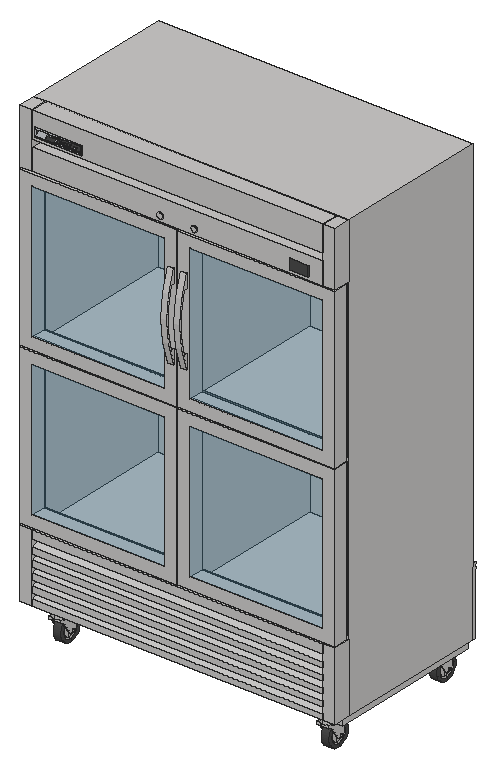
Revit family "QF_TRUE_T-49G-4-HC~FGD01_cat", category Specialty Equipment, Revit 2015
Parameters
  Weight in Pounds = 515
  Watts = Volts * FL Amps  # 621 W
  Volts = 115 V
  URL Cutsheet = "www.truemfg.com"
  URL = "www.truemfg.com"
  Specification by User = ""
  Specification by Manufacturer = ""
  Show Clearance [instance] = yes
  Show 6 Inches Seismic Flanged Legs [instance] = no
  Show Logo [instance] = yes
  Serial Number = ""
  Seismic Rating = ""
  SMACNA No = ""
  Revision Code = ""
  Phase = 1
  Overall Height [instance] = Body Height + Base Height  # 83 3/8"
  Number of Poles = 1
  NAFEM Spec ID Number = ""
  Model = "T-49G-4-HC~FGD01"
  Min Ckt Ampacity = 0 A
  Max Overcurrent Protection = 0 A
  Masterspec = ""
  Manufacturer = "TRUE"
  Length = 54 5/32"
  Item Number = ""
  Installed By = ""
  Identify Quantity as Lot = yes
  Height = 83 3/8"
  HP = "1/2"
  Furnished By = ""
  Foodservice Equipment Identifier = yes
  FL Amps = 5.4 A
  Electrical Remarks = ""
  Electric Connection Type = ""
  Elec Conn RI Height = 0"
  Elec Conn Connection Height = 0"
  Description = "REACH-IN GLASS HALF SWING DOOR REFRIGERATOR WITH HYDROCARBON REFRIGERANT~FRAMED GLASS DOOR VERSION 01"
  Depth = 29 13/16"
  Cycle = 60 Hz
  Conn Plug = "NEMA 5-15P"
  Conn Conduit = yes
  CSI MasterFormat = ""
  Body Height = 78 5/16"
  Base Height [instance] = if(Show 6 Inches Standard Legs, 6", if(Show 6 Inches Seismic Flanged Legs, 77/128", if(Show 2.5 Inches Castors, 2 1/2", if(Show 2.5 Inches Standard Legs, 2 1/2", 5 1/16"))))  # 5 1/16"
  Apparent Power = 0 VA
  Show 6 Inches Standard Legs [instance] = no
  Show 5 Inches Castors [instance] = if(or(Show 6 Inches Standard Legs, Show 6 Inches Seismic Flanged Legs), or(or(Show 2.5 Inches Castors, Show 2.5 Inches Standard Legs), and(Show 6 Inches Standard Legs, Show 6 Inches Seismic Flanged Legs)), if(Show 2.5 Inches Castors, Show 2.5 Inches Standard Legs, not(Show 2.5 Inches Standard Legs)))  # yes
  Show 2.5 Inches Standard Legs [instance] = no
  Show 2.5 Inches Castors [instance] = no
Reference planes (in)
  plane 1 "BACK": y = 0
  plane 2: z = 0
  plane 3 "LEFT": x = 0
  plane 4 "RIGHT": x = 54.15625
  plane 5 "FRONT": y = -29.8125
  plane 6 "TOP": z = 83.375
  plane 7 "Center Y": x = 27.07813
  plane 8 "Center X": y = -14.90625
  plane 9: z = 5.0625
Dimensions and locks (in)
  equal spacing: plane 3 "LEFT", plane 7 "Center Y", plane 4 "RIGHT"
  "Length": plane 3 "LEFT" to plane 4 "RIGHT"
  equal spacing: plane 5 "FRONT", plane 8 "Center X", plane 1 "BACK"
  "Depth": plane 5 "FRONT" to plane 1 "BACK"
  "Overall Height": plane 6 "TOP" to level
  plane 3 "LEFT" to plane 4 "RIGHT" = 54 5/32"
  nested 5 to plane 1 "BACK" = 1/2"
  nested 5 to nested 5 = 1 17/32"
  nested 5 to nested 5 = 31 27/32"
  "Base Height": plane 9 to level
  "Body Height": nested 5 to plane 9
  aligned and locked: level to plane 2
  aligned and locked: nested 5 to plane 9
Nested families (in)
  nested 1: "CASTER-LEGS" at (4, -2.625, 0), Show 5" Casters <- "Show 5 Inches Castors", Show 2.5 Standard Legs <- "Show 2.5 Inches Standard Legs", Show 6 Inches Legs <- "Show 6 Inches Standard Legs", Show 2.5 Casters <- "Show 2.5 Inches Castors", Show Siesmic Flanged <- "Show 6 Inches Seismic Flanged Legs", type "CASTER-LEGS"
    with Type Mark "", Status "", Specification by User "", Show Siesmic Flanged no, Show 6" Casters no, Show 6 Inches Legs no, Show 5" Casters yes, Show 4" Casters no, Show 2.5 Standard Legs no, Show 2.5 Casters no, Revision Code "", Low Profile no, Item Number "", Installed By "", Identify Quantity as Lot yes, Furnished By "", Foodservice Equipment Identifier yes
  nested 2: "CASTER-LEGS" at (4, -25.875, 0), Show 5" Casters <- "Show 5 Inches Castors", Show 2.5 Standard Legs <- "Show 2.5 Inches Standard Legs", Show 6 Inches Legs <- "Show 6 Inches Standard Legs", Show 2.5 Casters <- "Show 2.5 Inches Castors", Show Siesmic Flanged <- "Show 6 Inches Seismic Flanged Legs", type "CASTER-LEGS"
    with Type Mark "", Status "", Specification by User "", Show Siesmic Flanged no, Show 6" Casters no, Show 6 Inches Legs no, Show 5" Casters yes, Show 4" Casters no, Show 2.5 Standard Legs no, Show 2.5 Casters no, Revision Code "", Low Profile no, Item Number "", Installed By "", Identify Quantity as Lot yes, Furnished By "", Foodservice Equipment Identifier yes
  nested 3: "CASTER-LEGS" at (50.15625, -2.625, 0), Show 5" Casters <- "Show 5 Inches Castors", Show 2.5 Standard Legs <- "Show 2.5 Inches Standard Legs", Show 6 Inches Legs <- "Show 6 Inches Standard Legs", Show 2.5 Casters <- "Show 2.5 Inches Castors", Show Siesmic Flanged <- "Show 6 Inches Seismic Flanged Legs", type "CASTER-LEGS"
    with Type Mark "", Status "", Specification by User "", Show Siesmic Flanged no, Show 6" Casters no, Show 6 Inches Legs no, Show 5" Casters yes, Show 4" Casters no, Show 2.5 Standard Legs no, Show 2.5 Casters no, Revision Code "", Low Profile no, Item Number "", Installed By "", Identify Quantity as Lot yes, Furnished By "", Foodservice Equipment Identifier yes
  nested 4: "CASTER-LEGS" at (50.15625, -25.875, 0), Show 5" Casters <- "Show 5 Inches Castors", Show 2.5 Standard Legs <- "Show 2.5 Inches Standard Legs", Show 6 Inches Legs <- "Show 6 Inches Standard Legs", Show 2.5 Casters <- "Show 2.5 Inches Castors", Show Siesmic Flanged <- "Show 6 Inches Seismic Flanged Legs", type "CASTER-LEGS"
    with Type Mark "", Status "", Specification by User "", Show Siesmic Flanged no, Show 6" Casters no, Show 6 Inches Legs no, Show 5" Casters yes, Show 4" Casters no, Show 2.5 Standard Legs no, Show 2.5 Casters no, Revision Code "", Low Profile no, Item Number "", Installed By "", Identify Quantity as Lot yes, Furnished By "", Foodservice Equipment Identifier yes
  nested 5: "T-49G-4-HC-FGD01" at (0, 0, 0), Show Clearance <- "Show Clearance", Show Logo <- "Show Logo", type "T-49G-4-HC-FGD01"
    with Show Logo yes, Material and Finishes QF_Metal - Stainless - Polished
Connectors (in)
  electrical at (27.07812, 0.5, 12.71048), driven by "Volts", driven by "Watts"
    settings: on nested 5, index 1, voltage 115 V, apparent load 621 VA, apparent load phase1 0 VA, apparent load phase2 0 VA, apparent load phase3 0 VA, power factor 1, load classification "Other", number of poles 1, system type 30, power factor state 1, is connector primary yes, connector utility no, sub classification motor no, connector description "ELECTRICAL CONNECTION"
Definition of nested family "CASTER-LEGS"
  Parameters (values of type "CASTER-LEGS")
    Weight = ""
    URL Manufacturer = ""
    URL Cutsheet = ""
    URL = ""
    Type Mark [instance] = ""
    Status [instance] = ""
    Specification by User [instance] = ""
    Specification by Manufacturer = ""
    Show Siesmic Flanged [instance] = yes
    Show 6 Inches Legs [instance] = yes
    Show 6" Casters [instance] = yes
    Show 5" Casters [instance] = yes
    Show 4" Casters [instance] = yes
    Show 2.5 Standard Legs [instance] = yes
    Show 2.5 Casters [instance] = yes
    Serial Number = ""
    Seismic Rating = ""
    SMACNA No = ""
    Revision Code [instance] = ""
    Omniclass Number and Title = ""
    NAFEM Spec ID Number = ""
    Model = ""
    MasterSpec. = ""
    Manufacturer = ""
    Low Profile [instance] = yes
    Item Number [instance] = ""
    Installed By [instance] = ""
    Identify Quantity as Lot [instance] = yes
    Furnished By [instance] = ""
    Foodservice Equipment Identifier [instance] = yes
    Description = ""
    CSI MasterFormat = ""
    CSI Master Format = ""
    Assembly Code = ""
  Reference planes (in)
    plane 1: z = 0
    plane 2 "RIGHT": x = 0
    plane 3 "FRONT": y = 0
    plane 4 "TOP": z = 6
    plane 5: z = 2.125
    plane 6: z = 2.5
    plane 7: z = 6.25
  Forms (in)
    Revolve 1, solid, visible <- "Show 6 Inches Legs"
      sketch origin (11.12172, 0, 0) x (-1, 0, 0) y (0, 0, -1)
        loop
          line (11.12172, -6) -> (11.12172, 0) -> (10.62172, 0) -> (10.62172, -1.30261) -> (10.37172, -1.30261) -> (10.37172, -6) -> (11.12172, -6)
        axis (11.12172, 0) -> (11.12172, -6)
      angle from 0 to 360
    Extrusion 2, solid, visible <- "Show Siesmic Flanged"
      sketch origin (0, 0, 0) x (1, 0, 0) y (0, 1, 0)
        loop
          circle (-0.00825, 0) r 1
      from 0 to 0.125
    Revolve 3, solid, visible <- "Show Siesmic Flanged"
      sketch origin (11.12172, 0, 0) x (-1, 0, 0) y (0, 0, -1)
        loop
          line (11.12172, -6) -> (11.12172, -0.125) -> (10.62172, -0.125) -> (10.62172, -1.30261) -> (10.37172, -1.30261) -> (10.37172, -6) -> (11.12172, -6)
        axis (11.12172, -0.125) -> (11.12172, -6)
      angle from 0 to 360
    Revolve 4, solid, visible <- "Show 2.5 Standard Legs"
      sketch origin (11.12172, 0, 0) x (-1, 0, 0) y (0, 0, -1)
        loop
          line (11.12172, -2.5) -> (11.12172, 0) -> (10.62172, 0) -> (10.62172, -0.75) -> (10.37172, -0.75) -> (10.37172, -2.5) -> (11.12172, -2.5)
        axis (11.12172, 0) -> (11.12172, -2.5)
      angle from 0 to 360
  Dimensions and locks (in)
    plane 4 "TOP" to level = 6"  (x2)
    locked: Revolve 1 sketch curve to Revolve 1 sketch curve at 1.30261
    locked: Revolve 1 sketch curve to Revolve 1 sketch curve at 0.75
    nested 1 to level = 5"
    plane 6 to plane 1 = 2 1/2"
    plane 5 to plane 1 = 2 1/8"
    plane 7 to plane 1 = 6 1/4"
    locked: Revolve 3 sketch curve to Revolve 3 sketch curve at 0.75
    aligned and locked: level to plane 1
  Nested families (in)
    nested 1: "PITCO_5 INCHES CASTER" at (0, 0, 0), Show Casters <- "Show 5" Casters", type "PITCO_5 INCHES CASTER"
      with Type Mark "", Status "", Specification by User "", Show Casters yes, Revision Code "", Item Number "", Installed By "", Identify Quantity as Lot yes, Furnished By "", Foodservice Equipment Identifier yes
    nested 2: "2.13" at (0, 0, 0), 2.5 Inches Caster <- "Low Profile", type "2.13"
      with Type Mark "", Status "", Specification by User "", Revision Code "", Item Number "", Installed By "", Identify Quantity as Lot yes, Furnished By "", Foodservice Equipment Identifier yes, 2.5 Inches Caster yes
    nested 3: "C4" at (0, 0, 0), Show 4 Inches Casters <- "Show 4" Casters", type "C4"
      with Type Mark "", Specification by User "", Show 4 Inches Casters yes, Revision Code "", Item Number "", Installed By "", Identify Quantity as Lot yes, Furnished By "", Foodservice Equipment Identifier yes
    nested 4: "6 Inches Leg & Caster" at (0, 0, 0), Show Casters <- "Show 6" Casters", type "6 Inches Leg & Caster"
      with Type Mark "", Status "", Specification by User "", Show Casters yes, Revision Code "", Item Number "", Installed By "", Identify Quantity as Lot yes, Furnished By "", Foodservice Equipment Identifier yes
    nested 5: "C2.5" at (0, -0.86941, 0), 2.5 Inches Caster <- "Show 2.5 Casters", type "C2.5"
      with Type Mark "", Status "", Specification by User "", Revision Code "", Item Number "", Installed By "", Identify Quantity as Lot yes, Furnished By "", Foodservice Equipment Identifier yes, 2.5 Inches Caster yes
  Definition of nested family "PITCO_5 INCHES CASTER"
    Parameters (values of type "PITCO_5 INCHES CASTER")
      Weight = ""
      URL Manufacturer = ""
      URL Cutsheet = ""
      URL = ""
      Type Mark [instance] = ""
      Status [instance] = ""
      Specification by User [instance] = ""
      Specification by Manufacturer = ""
      Show Casters [instance] = yes
      Rubber = none
      Chrome = none
      Serial Number = ""
      Seismic Rating = ""
      SMACNA No = ""
      Revision Code [instance] = ""
      Omniclass Number and Title = ""
      NAFEM Spec ID Number = ""
      Model = ""
      MasterSpec. = ""
      Manufacturer = ""
      Item Number [instance] = ""
      Installed By [instance] = ""
      Identify Quantity as Lot [instance] = yes
      Furnished By [instance] = ""
      Foodservice Equipment Identifier [instance] = yes
      Description = ""
      CSI MasterFormat = ""
      CSI Master Format = ""
      Assembly Code = ""
    Reference planes (in)
      plane 1: z = 0
      plane 2 "RIGHT": x = 0
      plane 3 "FRONT": y = 0
      plane 4 "TOP": z = 5
      plane 5: z = 5.0625
    Forms (in)
      Revolve 1, solid, visible <- "Show Casters"
        sketch origin (-180, 1.0625, -34.67466) x (0, 0, -1) y (-1, 0, 0)
          loop
            line (-34.67466, -180.64009) -> (-34.67466, -179.35991) -> (-35.17466, -179.35991) -> (-35.17466, -179.48491) -> (-35.42466, -179.48491) -> (-35.42466, -179.64009) -> (-36.48519, -179.60306) -> (-36.48519, -178.85852) -> (-36.5316, -178.85852) -> (-36.5316, -178.71719) -> (-36.70591, -178.71719) -> (-36.70591, -181.28281) -> (-36.5316, -181.28281) -> (-36.5316, -181.14148) -> (-36.48519, -181.14148) -> (-36.48519, -180.39694) -> (-35.42466, -180.35991) -> (-35.42466, -180.51509) -> (-35.17466, -180.51509) -> (-35.17466, -180.64009) -> (-34.67466, -180.64009)
          axis (-36.70591, -181.28281) -> (-36.70591, -178.71719)
        angle from 0 to 360
      Extrusion 2, solid, visible <- "Show Casters"
        sketch origin (0, 0, -1.11142) x (0, -1, 0) y (1, 0, 0)
          loop
            circle (0, 0) r 1.5
        from 5.61142 to 6.17392
      Extrusion 3, solid, visible <- "Show Casters"
        sketch origin (0, 0, 0.289) x (0, -1, 0) y (0, 0, 1)
          loop
            arc (0.91808, 3.59427) -> (1.13645, 3.7909) -> (1.42156, 3.86198) r 0.60732
            line (1.42156, 3.86198) -> (1.46208, 3.86198) -> (1.43155, 4.211) -> (-1.43155, 4.211)
            arc (-1.43155, 4.211) -> (-1.62474, 4.13098) -> (-1.70476, 3.93778) r 0.27322
            line (-1.70476, 3.93778) -> (-1.70476, 3.78861) -> (-1.76351, 2.11371) -> (-1.82446, 1.68005)
            arc (-1.82446, 1.68005) -> (-1.73191, 1.41127) -> (-1.46007, 1.32816) r 0.31307
            line (-1.46007, 1.32816) -> (-0.60834, 1.47835)
            arc (-0.60834, 1.47835) -> (-0.50841, 1.51771) -> (-0.43181, 1.59299) r 0.26936
            line (-0.43181, 1.59299) -> (0.91808, 3.59427)
        from 0.84601 to 1.05998
      Extrusion 4, solid, visible <- "Show Casters"
        sketch origin (0, 0, -0.82242) x (0, -1, 0) y (0, 0, -1)
          loop
            line (1.43155, -5.32242) -> (1.46208, -4.9734) -> (1.42156, -4.9734)
            arc (1.42156, -4.9734) -> (1.13645, -4.90232) -> (0.91808, -4.70569) r 0.60732
            line (0.91808, -4.70569) -> (-0.43181, -2.70441)
            arc (-0.43181, -2.70441) -> (-0.50841, -2.62913) -> (-0.60834, -2.58977) r 0.26936
            line (-0.60834, -2.58977) -> (-1.46007, -2.43958)
            arc (-1.46007, -2.43958) -> (-1.73191, -2.52269) -> (-1.82446, -2.79147) r 0.31307
            line (-1.82446, -2.79147) -> (-1.76351, -3.22513) -> (-1.70476, -4.90003) -> (-1.70476, -5.0492)
            arc (-1.70476, -5.0492) -> (-1.62474, -5.2424) -> (-1.43155, -5.32242) r 0.27322
            line (-1.43155, -5.32242) -> (1.43155, -5.32242)
        from 0.84601 to 1.05998
      Extrusion 5, solid, visible <- "Show Casters"
        sketch origin (-0.84601, 0, 0.289) x (0, 1, 0) y (0, 0, 1)
          loop
            line (1.43155, 4.211) -> (-1.43155, 4.211) -> (-1.46208, 3.86198) -> (-1.42156, 3.86198)
            arc (-1.42156, 3.86198) -> (-1.13645, 3.7909) -> (-0.91808, 3.59427) r 0.60732
            arc (-0.91808, 3.59427) -> (0.37927, 3.88135) -> (1.70476, 3.78861) r 4.63574
            line (1.70476, 3.78861) -> (1.70476, 3.93778)
            arc (1.70476, 3.93778) -> (1.62474, 4.13098) -> (1.43155, 4.211) r 0.27322
        from 0 to 1.69203
    Cuts and joins
      joined: Extrusion 3, Extrusion 4, Extrusion 5
    Lines and regions (in)
      symbolic lines, visible <- "Show Casters"
        curve 1: line (0.70901, 2.6399, 0) -> (1.79507, 2.01286, 0)
        curve 2: line (-1.79099, -1.69023, 0) -> (0.70901, 2.6399, 0)
        curve 3: line (-0.70493, -2.31727, 0) -> (-1.79099, -1.69023, 0)
        curve 4: line (1.79507, 2.01286, 0) -> (-0.70493, -2.31727, 0)
    Dimensions and locks (in)
      plane 4 "TOP" to level = 5"  (x2)
      plane 5 to level = 5 1/16"
      aligned and locked: level to plane 1
  Definition of nested family "2.13"
    Parameters
      Weight = ""
      URL Manufacturer = ""
      URL Cutsheet = ""
      URL = ""
      Type Mark [instance] = ""
      Status [instance] = ""
      Specification by User [instance] = ""
      Specification by Manufacturer = ""
      Serial Number = ""
      Seismic Rating = ""
      SMACNA No = ""
      Revision Code [instance] = ""
      Omniclass Number and Title = ""
      NAFEM Spec ID Number = ""
      Model = ""
      MasterSpec. = ""
      Manufacturer = ""
      Item Number [instance] = ""
      Installed By [instance] = ""
      Identify Quantity as Lot [instance] = yes
      Furnished By [instance] = ""
      Foodservice Equipment Identifier [instance] = yes
      Description = ""
      CSI MasterFormat = ""
      CSI Master Format = ""
      Assembly Code = ""
      2.5 Inches Caster [instance] = yes
    Reference planes (in)
      plane 1: z = 0
      plane 2 "RIGHT": x = 0
      plane 3 "FRONT": y = 0
      plane 4 "TOP": z = 2.125
    Forms (in)
      Revolve 1, solid, visible <- "2.5 Inches Caster"
        sketch origin (-1.93794, 0.83816, -1.0041) x (1, 0, 0) y (0, 0, 1)
          loop
            line (0.74055, 1.76972) -> (0.74055, 1.69422) -> (0.79055, 1.64422) -> (0.85055, 1.64422) -> (0.85055, 1.52415) -> (1.235, 1.52415) -> (1.235, 1.4568) -> (1.38673, 1.3692) -> (1.4003, 1.28535) -> (1.34375, 1.28535) -> (1.34375, 1.16035) -> (1.375, 1.16035) -> (1.375, 1.0041) -> (1.87544, 1.0041) -> (1.87544, 1.52415) -> (2.00044, 1.52415) -> (2.00044, 1.0041) -> (2.48438, 1.0041) -> (2.48438, 1.16035) -> (2.51563, 1.16035) -> (2.51563, 1.28535) -> (2.45908, 1.28535) -> (2.47322, 1.37272) -> (2.62438, 1.45999) -> (2.62438, 1.52415) -> (3.04007, 1.52415) -> (3.04007, 1.64422) -> (3.10007, 1.64422) -> (3.15007, 1.69422) -> (3.15007, 1.76972) -> (0.74055, 1.76972)
          axis (0.74055, 1.76972) -> (3.15007, 1.76972)
        angle from 0 to 360
      Extrusion 2, solid, visible <- "2.5 Inches Caster"
        sketch origin (-1.93794, 1.80294, -3.6291) x (0, 1, 0) y (0, 0, 1)
          loop
            line (-0.64294, 5.43229) -> (-0.64294, 5.55298) -> (-2.21294, 5.55298) -> (-2.21294, 5.30272) -> (-1.81966, 5.30272)
            arc (-1.81966, 5.30272) -> (-1.13638, 5.20789) -> (-0.46376, 5.05475) r 8.02767
            arc (-0.46376, 5.05475) -> (-0.19511, 4.95469) -> (0.05138, 4.80832) r 1.60049
            line (0.05138, 4.80832) -> (0.12713, 4.91318)
            arc (0.12713, 4.91318) -> (-0.07255, 5.06376) -> (-0.29048, 5.18644) r 1.8753
            line (-0.29048, 5.18644) -> (-0.22239, 5.30423)
            arc (-0.22239, 5.30423) -> (-0.42776, 5.38437) -> (-0.64294, 5.43229) r 1.44292
        from 1.17357 to 2.70231
      Revolve 3, solid, visible <- "2.5 Inches Caster"
        sketch origin (0, 2.10856, -4.125) x (0, 1, 0) y (0, 0, 1)
          loop
            line (-1.73858, 6.25) -> (-1.73858, 6.04889) -> (-1.05793, 6.04889) -> (-1.05793, 6.25) -> (-1.73858, 6.25)
          axis (-1.73858, 6.04889) -> (-1.73858, 6.25)
        angle from 0 to 360
      Extrusion 4, solid, visible <- "2.5 Inches Caster"
        sketch origin (-1.98481, 1.80294, -2.1291) x (0, 1, 0) y (0, 0, 1)
          loop
            line (-2.21294, 4.05298) -> (-2.21294, 3.80272) -> (-2.13999, 3.80272)
            arc (-2.13999, 3.80272) -> (-1.62379, 3.51899) -> (-1.39241, 2.97729) r 0.90292
            arc (-1.39241, 2.97729) -> (-1.36136, 2.78161) -> (-1.29729, 2.59413) r 1.15385
            arc (-1.29729, 2.59413) -> (-0.94802, 2.37355) -> (-0.6121, 2.61396) r 0.37001
            arc (-0.6121, 2.61396) -> (-0.59625, 2.66241) -> (-0.58446, 2.712) r 0.61695
            arc (-0.58446, 2.712) -> (-0.36134, 3.11665) -> (0.05609, 3.31484) r 0.75313
            line (0.05609, 3.31484) -> (0.12713, 3.41318)
            arc (0.12713, 3.41318) -> (-0.07255, 3.56376) -> (-0.29048, 3.68644) r 1.8753
            line (-0.29048, 3.68644) -> (-0.22239, 3.80423)
            arc (-0.22239, 3.80423) -> (-0.42776, 3.88437) -> (-0.64294, 3.93229) r 1.44292
            line (-0.64294, 3.93229) -> (-0.64294, 4.05298) -> (-2.21294, 4.05298)
        from 2.74918 to 2.90825
      Extrusion 5, solid, visible <- "2.5 Inches Caster"
        sketch origin (1.98481, 1.80294, -2.1291) x (0, 1, 0) y (0, 0, -1)
          loop
            line (-2.21294, -4.05298) -> (-0.64294, -4.05298) -> (-0.64294, -3.93229)
            arc (-0.64294, -3.93229) -> (-0.42776, -3.88437) -> (-0.22239, -3.80423) r 1.44292
            line (-0.22239, -3.80423) -> (-0.29048, -3.68644)
            arc (-0.29048, -3.68644) -> (-0.07255, -3.56376) -> (0.12713, -3.41318) r 1.8753
            line (0.12713, -3.41318) -> (0.05609, -3.31484)
            arc (0.05609, -3.31484) -> (-0.36134, -3.11665) -> (-0.58446, -2.712) r 0.75313
            arc (-0.58446, -2.712) -> (-0.59625, -2.66241) -> (-0.6121, -2.61396) r 0.61695
            arc (-0.6121, -2.61396) -> (-0.94802, -2.37355) -> (-1.29729, -2.59413) r 0.37001
            arc (-1.29729, -2.59413) -> (-1.36136, -2.78161) -> (-1.39241, -2.97729) r 1.15385
            arc (-1.39241, -2.97729) -> (-1.62379, -3.51899) -> (-2.13999, -3.80272) r 0.90292
            line (-2.13999, -3.80272) -> (-2.21294, -3.80272) -> (-2.21294, -4.05298)
        from 2.74918 to 2.90825
    Lines and regions (in)
      symbolic lines, visible <- "2.5 Inches Caster"
        curve 1: line (0.10651, 1.27186, 0) -> (0.80944, 0.86603, 0)
        curve 2: line (-0.89349, -0.46019, 0) -> (0.10651, 1.27186, 0)
        curve 3: line (-0.19056, -0.86603, 0) -> (-0.89349, -0.46019, 0)
        curve 4: line (0.80944, 0.86603, 0) -> (-0.19056, -0.86603, 0)
    Dimensions and locks (in)
      plane 4 "TOP" to level = 2 1/8"  (x2)
      aligned and locked: level to plane 1
  Definition of nested family "C4"
    Parameters
      Weight = ""
      URL Manufacturer = ""
      URL Cutsheet = ""
      URL = ""
      Type Mark [instance] = ""
      Specification by User [instance] = ""
      Specification by Manufacturer = ""
      Show 4 Inches Casters [instance] = yes
      Serial Number = ""
      Seismic Rating = ""
      SMACNA No = ""
      Revision Code [instance] = ""
      Omniclass Number and Title = ""
      NAFEM Spec ID Number = ""
      Model = ""
      MasterSpec. = ""
      Manufacturer = ""
      Item Number [instance] = ""
      Installed By [instance] = ""
      Identify Quantity as Lot [instance] = yes
      Furnished By [instance] = ""
      Foodservice Equipment Identifier [instance] = yes
      Description = ""
      CSI MasterFormat = ""
      CSI Master Format = ""
      Assembly Code = ""
    Reference planes (in)
      plane 1: z = 0
      plane 2 "RIGHT": x = 0
      plane 3 "FRONT": y = 0
      plane 4 "TOP": z = 4
    Forms (in)
      Revolve 1, solid, visible <- "Show 4 Inches Casters"
        sketch origin (-1.93794, 0.83816, -1.0041) x (1, 0, 0) y (0, 0, 1)
          loop
            line (0.74055, 2.5041) -> (3.15007, 2.5041) -> (3.15007, 2.5796) -> (3.10007, 2.6296) -> (3.04007, 2.6296) -> (3.04007, 2.74967) -> (2.62438, 2.74967) -> (2.62438, 2.93884) -> (2.48438, 3.01967) -> (2.45908, 3.17597) -> (2.51563, 3.17597) -> (2.51563, 3.41035) -> (2.48438, 3.41035) -> (2.48438, 4.0041) -> (1.375, 4.0041) -> (1.375, 3.41035) -> (1.34375, 3.41035) -> (1.34375, 3.17597) -> (1.4003, 3.17597) -> (1.37557, 3.02318) -> (1.235, 2.94202) -> (1.235, 2.74967) -> (0.85055, 2.74967) -> (0.85055, 2.6296) -> (0.79055, 2.6296) -> (0.74055, 2.5796) -> (0.74055, 2.5041)
          axis (0.74055, 2.5041) -> (3.15007, 2.5041)
        angle from 0 to 360
      Extrusion 2, solid, visible <- "Show 4 Inches Casters"
        sketch origin (-1.93794, 1.80294, -1.7541) x (0, 1, 0) y (0, 0, 1)
          loop
            line (-3.08794, 5.33423) -> (-3.08794, 5.00584) -> (-2.69466, 5.00584)
            arc (-2.69466, 5.00584) -> (-1.57175, 4.94895) -> (-0.46376, 4.75787) r 9.36411
            arc (-0.46376, 4.75787) -> (-0.05889, 4.58436) -> (0.28335, 4.30705) r 1.60049
            line (0.28335, 4.30705) -> (0.34449, 4.39437)
            arc (0.34449, 4.39437) -> (0.12713, 4.6163) -> (-0.1239, 4.79931) r 1.8753
            line (-0.1239, 4.79931) -> (-0.05749, 4.91421)
            arc (-0.05749, 4.91421) -> (-0.33807, 5.05694) -> (-0.64294, 5.13542) r 1.44292
            line (-0.64294, 5.13542) -> (-0.64294, 5.33423) -> (-3.08794, 5.33423)
        from 1.1267 to 2.74918
      Revolve 3, solid, visible <- "Show 4 Inches Casters"
        sketch origin (0, 2.15543, -2.25) x (0, 1, 0) y (0, 0, 1)
          loop
            line (-2.21793, 6.25) -> (-2.21793, 5.83014) -> (-1.05793, 5.83014) -> (-1.05793, 6.25) -> (-2.21793, 6.25)
          axis (-2.21793, 5.83014) -> (-2.21793, 6.25)
        angle from 0 to 360
      Extrusion 4, solid, visible <- "Show 4 Inches Casters"
        sketch origin (-1.93794, 1.80294, -1.7541) x (0, 1, 0) y (0, 0, 1)
          loop
            line (-3.08794, 5.33423) -> (-3.08794, 5.00584) -> (-2.8913, 5.00584)
            arc (-2.8913, 5.00584) -> (-2.09118, 4.14057) -> (-1.45681, 3.14736) r 6.63355
            arc (-1.45681, 3.14736) -> (-0.85703, 2.75969) -> (-0.4561, 3.35069) r 0.5107
            arc (-0.4561, 3.35069) -> (-0.27092, 3.92503) -> (0.24034, 4.24562) r 0.88136
            line (0.24034, 4.24562) -> (0.34449, 4.39437)
            arc (0.34449, 4.39437) -> (0.12713, 4.6163) -> (-0.1239, 4.79931) r 1.8753
            line (-0.1239, 4.79931) -> (-0.05749, 4.91421)
            arc (-0.05749, 4.91421) -> (-0.33807, 5.05694) -> (-0.64294, 5.13542) r 1.44292
            line (-0.64294, 5.13542) -> (-0.64294, 5.33423) -> (-3.08794, 5.33423)
        from 2.74918 to 2.90825
      Extrusion 5, solid, visible <- "Show 4 Inches Casters"
        sketch origin (1.93794, 1.80294, -1.7541) x (0, 1, 0) y (0, 0, -1)
          loop
            line (-3.08794, -5.33423) -> (-0.64294, -5.33423) -> (-0.64294, -5.13542)
            arc (-0.64294, -5.13542) -> (-0.33807, -5.05694) -> (-0.05749, -4.91421) r 1.44292
            line (-0.05749, -4.91421) -> (-0.1239, -4.79931)
            arc (-0.1239, -4.79931) -> (0.12713, -4.6163) -> (0.34449, -4.39437) r 1.8753
            line (0.34449, -4.39437) -> (0.24034, -4.24562)
            arc (0.24034, -4.24562) -> (-0.27092, -3.92503) -> (-0.4561, -3.35069) r 0.88136
            arc (-0.4561, -3.35069) -> (-0.85703, -2.75969) -> (-1.45681, -3.14736) r 0.5107
            arc (-1.45681, -3.14736) -> (-2.09118, -4.14057) -> (-2.8913, -5.00584) r 6.63355
            line (-2.8913, -5.00584) -> (-3.08794, -5.00584) -> (-3.08794, -5.33423)
        from 2.74918 to 2.90825
    Cuts and joins
      joined: Extrusion 2, Extrusion 4, Extrusion 5
    Lines and regions (in)
      symbolic lines, visible <- "Show 4 Inches Casters"
        curve 1: line (0.28481, 1.83041, 0) -> (1.24556, 1.27572, 0)
        curve 2: line (-1.26206, -0.84886, 0) -> (0.28481, 1.83041, 0)
        curve 3: line (-0.30132, -1.40355, 0) -> (-1.26206, -0.84886, 0)
        curve 4: line (1.24556, 1.27572, 0) -> (-0.30132, -1.40355, 0)
    Dimensions and locks (in)
      plane 4 "TOP" to level = 4"  (x2)
      aligned and locked: level to plane 1
  Definition of nested family "6 Inches Leg & Caster"
    Parameters
      Weight = ""
      URL Manufacturer = ""
      URL Cutsheet = ""
      URL = ""
      Type Mark [instance] = ""
      Status [instance] = ""
      Specification by User [instance] = ""
      Specification by Manufacturer = ""
      Show Casters [instance] = yes
      Serial Number = ""
      Seismic Rating = ""
      SMACNA No = ""
      Revision Code [instance] = ""
      Omniclass Number and Title = ""
      NAFEM Spec ID Number = ""
      Model = ""
      MasterSpec. = ""
      Manufacturer = ""
      Item Number [instance] = ""
      Installed By [instance] = ""
      Identify Quantity as Lot [instance] = yes
      Furnished By [instance] = ""
      Foodservice Equipment Identifier [instance] = yes
      Description = ""
      CSI MasterFormat = ""
      CSI Master Format = ""
    Reference planes (in)
      plane 1 "BACK": y = 0
      plane 2: z = 0
      plane 3 "LEFT": x = 0
      plane 4 "RIGHT": x = 0
      plane 5 "FRONT": y = 0
      plane 6 "TOP": z = 6.25
    Forms (in)
      Revolve 1, solid, visible <- "Show Casters"
        sketch origin (-2.21793, 0, -0.25) x (-1, 0, 0) y (0, 0, 1)
          loop
            line (-2.21793, 6) -> (-2.21793, 5.55584) -> (-0.93693, 5.55584) -> (-0.93693, 6) -> (-2.21793, 6)
          axis (-2.21793, 5.55584) -> (-2.21793, 6)
        angle from 0 to 360
      Extrusion 2, solid, visible <- "Show Casters"
        sketch origin (0.25594, 2.21793, -0.1875) x (0, 1, 0) y (0, 0, 1)
          loop
            line (-3.37793, 5.49334) -> (-3.37793, 5.24334) -> (-1.63015, 2.08504)
            arc (-1.63015, 2.08504) -> (-0.63555, 1.74359) -> (-0.1951, 2.69848) r 0.78437
            line (-0.1951, 2.69848) -> (-1.06726, 5.49334) -> (-3.37793, 5.49334)
        from 0.78968 to 0.90247
      Extrusion 3, solid, visible <- "Show Casters"
        sketch origin (0, 0, 5.75) x (0, 1, 0) y (-1, 0, 0)
          loop
            circle (0, 0) r 0.75
        from 0 to 0.5
      Extrusion 4, solid, visible <- "Show Casters"
        sketch origin (-0.25594, 2.21793, -0.1875) x (0, 1, 0) y (0, 0, -1)
          loop
            line (-3.37793, -5.49334) -> (-1.06726, -5.49334) -> (-0.1951, -2.69848)
            arc (-0.1951, -2.69848) -> (-0.63555, -1.74359) -> (-1.63015, -2.08504) r 0.78437
            line (-1.63015, -2.08504) -> (-3.37793, -5.24334) -> (-3.37793, -5.49334)
        from 0.78968 to 0.90247
      Extrusion 5, solid, visible <- "Show Casters"
        sketch origin (0, 0, 0.75) x (0, 1, 0) y (0, 0, 1)
          loop
            line (-1.16, 4.55584) -> (-1.16, 4.30584) -> (1.15067, 4.30584) -> (1.15067, 4.55584) -> (-1.16, 4.55584)
        from -1.04562 to 1.04562
      Revolve 6, solid, visible <- "Show Casters"
        sketch origin (-1.9375, 1.23015, -0.12802) x (1, 0, 0) y (0, 0, 1)
          loop
            line (0.5843, 2.5041) -> (0.5843, 2.3661) -> (0.6343, 2.3161) -> (0.6943, 2.3161) -> (0.6943, 2.1804) -> (1.1725, 2.1804) -> (1.1725, 1.78493) -> (1.31307, 1.70377) -> (1.42647, 1.00302) -> (1.28125, 1.00302) -> (1.28125, 0.75302) -> (1.3125, 0.75302) -> (1.3125, 0.50302)
            arc (1.3125, 0.50302) -> (1.42233, 0.23785) -> (1.6875, 0.12802) r 0.375
            line (1.6875, 0.12802) -> (2.1875, 0.12802)
            arc (2.1875, 0.12802) -> (2.45267, 0.23785) -> (2.5625, 0.50302) r 0.375
            line (2.5625, 0.50302) -> (2.5625, 0.75302) -> (2.59375, 0.75302) -> (2.59375, 1.00302) -> (2.44853, 1.00302) -> (2.5625, 1.70728) -> (2.7025, 1.78811) -> (2.7025, 2.1804) -> (3.1807, 2.1804) -> (3.1807, 2.3161) -> (3.2407, 2.3161) -> (3.2907, 2.3661) -> (3.2907, 2.5041) -> (0.5843, 2.5041)
          axis (0.5843, 2.5041) -> (3.2907, 2.5041)
        angle from 0 to 360
    Cuts and joins
      joined: Extrusion 2, Extrusion 4, Extrusion 5
    Lines and regions (in)
      symbolic lines, visible <- "Show Casters"
        curve 1: line (0.46086, 2.04455, 0) -> (1.54339, 1.41955, 0)
        curve 2: line (-1.53914, -1.41955, 0) -> (0.46086, 2.04455, 0)
        curve 3: line (-0.45661, -2.04455, 0) -> (-1.53914, -1.41955, 0)
        curve 4: line (1.54339, 1.41955, 0) -> (-0.45661, -2.04455, 0)
    Dimensions and locks (in)
      plane 6 "TOP" to level = 6 1/4"  (x2)
      aligned and locked: level to plane 2
  Definition of nested family "C2.5"
    Parameters
      Weight = ""
      URL Manufacturer = ""
      URL Cutsheet = ""
      URL = ""
      Type Mark [instance] = ""
      Status [instance] = ""
      Specification by User [instance] = ""
      Specification by Manufacturer = ""
      Serial Number = ""
      Seismic Rating = ""
      SMACNA No = ""
      Revision Code [instance] = ""
      Omniclass Number and Title = ""
      NAFEM Spec ID Number = ""
      Model = ""
      MasterSpec. = ""
      Manufacturer = ""
      Item Number [instance] = ""
      Installed By [instance] = ""
      Identify Quantity as Lot [instance] = yes
      Furnished By [instance] = ""
      Foodservice Equipment Identifier [instance] = yes
      Description = ""
      CSI MasterFormat = ""
      CSI Master Format = ""
      Assembly Code = ""
      2.5 Inches Caster [instance] = yes
    Reference planes (in)
      plane 1: z = 0
      plane 2 "RIGHT": x = 0
      plane 3 "FRONT": y = 0
      plane 4 "TOP": z = 2.5
    Forms (in)
      Revolve 1, solid, visible <- "2.5 Inches Caster"
        sketch origin (-1.93794, 0.83816, -1.0041) x (1, 0, 0) y (0, 0, 1)
          loop
            line (0.74055, 1.92597) -> (0.74055, 1.85047) -> (0.79055, 1.80047) -> (0.85055, 1.80047) -> (0.85055, 1.6804) -> (1.235, 1.6804) -> (1.235, 1.61305) -> (1.38673, 1.52545) -> (1.4003, 1.4416) -> (1.34375, 1.4416) -> (1.34375, 1.3166) -> (1.375, 1.3166) -> (1.375, 1.0041) -> (2.48438, 1.0041) -> (2.48438, 1.3166) -> (2.51563, 1.3166) -> (2.51563, 1.4416) -> (2.45908, 1.4416) -> (2.47322, 1.52897) -> (2.62438, 1.61624) -> (2.62438, 1.6804) -> (3.04007, 1.6804) -> (3.04007, 1.80047) -> (3.10007, 1.80047) -> (3.15007, 1.85047) -> (3.15007, 1.92597) -> (0.74055, 1.92597)
          axis (0.74055, 1.92597) -> (3.15007, 1.92597)
        angle from 0 to 360
      Extrusion 2, solid, visible <- "2.5 Inches Caster"
        sketch origin (-1.93794, 1.80294, -3.2541) x (0, 1, 0) y (0, 0, 1)
          loop
            line (-0.64294, 5.43229) -> (-0.64294, 5.55298) -> (-2.21294, 5.55298) -> (-2.21294, 5.30272) -> (-1.81966, 5.30272)
            arc (-1.81966, 5.30272) -> (-1.13638, 5.20789) -> (-0.46376, 5.05475) r 8.02767
            arc (-0.46376, 5.05475) -> (-0.19511, 4.95469) -> (0.05138, 4.80832) r 1.60049
            line (0.05138, 4.80832) -> (0.12713, 4.91318)
            arc (0.12713, 4.91318) -> (-0.07255, 5.06376) -> (-0.29048, 5.18644) r 1.8753
            line (-0.29048, 5.18644) -> (-0.22239, 5.30423)
            arc (-0.22239, 5.30423) -> (-0.42776, 5.38437) -> (-0.64294, 5.43229) r 1.44292
        from 1.17357 to 2.70231
      Revolve 3, solid, visible <- "2.5 Inches Caster"
        sketch origin (0, 2.10856, -3.75) x (0, 1, 0) y (0, 0, 1)
          loop
            line (-1.73858, 6.25) -> (-1.73858, 6.04889) -> (-1.05793, 6.04889) -> (-1.05793, 6.25) -> (-1.73858, 6.25)
          axis (-1.73858, 6.04889) -> (-1.73858, 6.25)
        angle from 0 to 360
      Extrusion 4, solid, visible <- "2.5 Inches Caster"
        sketch origin (-1.98481, 1.80294, -1.7541) x (0, 1, 0) y (0, 0, 1)
          loop
            line (-2.21294, 4.05298) -> (-2.21294, 3.80272) -> (-2.13999, 3.80272)
            arc (-2.13999, 3.80272) -> (-1.62379, 3.51899) -> (-1.39241, 2.97729) r 0.90292
            arc (-1.39241, 2.97729) -> (-1.36136, 2.78161) -> (-1.29729, 2.59413) r 1.15385
            arc (-1.29729, 2.59413) -> (-0.94802, 2.37355) -> (-0.6121, 2.61396) r 0.37001
            arc (-0.6121, 2.61396) -> (-0.59625, 2.66241) -> (-0.58446, 2.712) r 0.61695
            arc (-0.58446, 2.712) -> (-0.36134, 3.11665) -> (0.05609, 3.31484) r 0.75313
            line (0.05609, 3.31484) -> (0.12713, 3.41318)
            arc (0.12713, 3.41318) -> (-0.07255, 3.56376) -> (-0.29048, 3.68644) r 1.8753
            line (-0.29048, 3.68644) -> (-0.22239, 3.80423)
            arc (-0.22239, 3.80423) -> (-0.42776, 3.88437) -> (-0.64294, 3.93229) r 1.44292
            line (-0.64294, 3.93229) -> (-0.64294, 4.05298) -> (-2.21294, 4.05298)
        from 2.74918 to 2.90825
      Extrusion 5, solid, visible <- "2.5 Inches Caster"
        sketch origin (1.98481, 1.80294, -1.7541) x (0, 1, 0) y (0, 0, -1)
          loop
            line (-2.21294, -4.05298) -> (-0.64294, -4.05298) -> (-0.64294, -3.93229)
            arc (-0.64294, -3.93229) -> (-0.42776, -3.88437) -> (-0.22239, -3.80423) r 1.44292
            line (-0.22239, -3.80423) -> (-0.29048, -3.68644)
            arc (-0.29048, -3.68644) -> (-0.07255, -3.56376) -> (0.12713, -3.41318) r 1.8753
            line (0.12713, -3.41318) -> (0.05609, -3.31484)
            arc (0.05609, -3.31484) -> (-0.36134, -3.11665) -> (-0.58446, -2.712) r 0.75313
            arc (-0.58446, -2.712) -> (-0.59625, -2.66241) -> (-0.6121, -2.61396) r 0.61695
            arc (-0.6121, -2.61396) -> (-0.94802, -2.37355) -> (-1.29729, -2.59413) r 0.37001
            arc (-1.29729, -2.59413) -> (-1.36136, -2.78161) -> (-1.39241, -2.97729) r 1.15385
            arc (-1.39241, -2.97729) -> (-1.62379, -3.51899) -> (-2.13999, -3.80272) r 0.90292
            line (-2.13999, -3.80272) -> (-2.21294, -3.80272) -> (-2.21294, -4.05298)
        from 2.74918 to 2.90825
    Lines and regions (in)
      symbolic lines, visible <- "2.5 Inches Caster"
        curve 1: line (0.10651, 1.96132, 0) -> (0.80944, 1.55548, 0)
        curve 2: line (-0.89349, 0.22927, 0) -> (0.10651, 1.96132, 0)
        curve 3: line (-0.19056, -0.17657, 0) -> (-0.89349, 0.22927, 0)
        curve 4: line (0.80944, 1.55548, 0) -> (-0.19056, -0.17657, 0)
    Dimensions and locks (in)
      plane 4 "TOP" to level = 2 1/2"  (x2)
      aligned and locked: level to plane 1
Definition of nested family "T-49G-4-HC-FGD01"
  Parameters (values of type "T-49G-4-HC-FGD01")
    Weight in Pounds = 0
    URL Cutsheet = ""
    Specification by User = ""
    Specification by Manufacturer = ""
    Show Logo [instance] = yes
    Show Clearance [instance] = yes
    Serial Number = ""
    Seismic Rating = ""
    SMACNA No = ""
    Revision Code = ""
    NAFEM Spec ID Number = ""
    Material and Finishes [instance] = none
    Masterspec = ""
    Item Number = ""
    Installed By = ""
    Identify Quantity as Lot = yes
    Furnished By = ""
    Foodservice Equipment Identifier = yes
    CSI MasterFormat = ""
  Reference planes (in)
    plane 1 "BACK": y = 0
    plane 2: z = 0
    plane 3 "LEFT": x = 0
    plane 4 "RIGHT": x = 54.15625
    plane 5 "FRONT": y = -29.8125
    plane 6 "TOP": z = 83.375
    plane 7 "Center Y": x = 27.07813
    plane 8 "Center X": y = -14.90625
    plane 9: z = 5.0625
    plane 10: y = 0.5
    plane 11: y = -31.34375
    plane 12: z = 67.5625
    plane 13: z = 52.5625
    plane 14: z = 67.5625
    plane 15: z = 52.5625
    plane 16: z = 7.0625
    plane 17: z = 81.375
    plane 18: y = -55.25
    plane 19: y = -55.25
    plane 20: y = -55.25
    plane 21: z = 67.5625
    plane 22: z = 52.5625
    plane 23: z = 67.5625
    plane 24: z = 52.5625
    plane 25: z = 7.0625
    plane 26: z = 81.375
    plane 27: y = -55.25
    plane 28: y = -55.25
    plane 29: z = 6.875
  Forms (in)
    Extrusion 1, solid, material <- "Material and Finishes"
      sketch origin (-5.09019, 0.0625, 48) x (-1, 0, 0) y (0, 0, 1)
        loop
          line (-5.09019, 35.375) -> (-7.09019, 35.375) -> (-7.09019, -41.125) -> (-5.09019, -41.125) -> (-5.09019, 35.375)
      from -0.0625 to -26.875
    Extrusion 2, solid, material <- "Material and Finishes"
      sketch origin (2, -26.8125, 83.375) x (0, 0, -1) y (0, 1, 0)
        loop
          line (0, -3) -> (4.5, -3) -> (5.75, -0.19245) -> (5.75, -3) -> (9.5, -3) -> (9.5, 0) -> (0, 0) -> (0, -3)
        loop
          line (64.75, -3) -> (66.25, -3) -> (66.25, -0.43712) -> (67.5, -3) -> (68.5, -3) -> (68.5, -0.9497) -> (69.5, -3) -> (70.5, -3) -> (70.5, -0.9497) -> (71.5, -3) -> (72.5, -3) -> (72.5, -0.9497) -> (73.5, -3) -> (74.5, -3) -> (74.5, -0.9497) -> (75.5, -3) -> (76.5, -3) -> (76.5, 0) -> (64.75, 0) -> (64.75, -3)
      from 0 to 50.15625
    Extrusion 3, solid
      sketch origin (-5.09019, -29.8125, 48) x (1, 0, 0) y (0, 0, 1)
        loop
          line (7.09019, 0.37866) -> (30.0387, 0.37866) -> (30.0387, 23.625) -> (7.09019, 23.625) -> (7.09019, 0.37866)
        loop
          line (34.29793, 0.37866) -> (57.24644, 0.37866) -> (57.24644, 23.625) -> (34.29793, 23.625) -> (34.29793, 0.37866)
        loop
          line (7.09019, -27.12134) -> (30.0387, -27.12134) -> (30.0387, -3.875) -> (7.09019, -3.875) -> (7.09019, -27.12134)
        loop
          line (34.29793, -27.12134) -> (57.24644, -27.12134) -> (57.24644, -3.875) -> (34.29793, -3.875) -> (34.29793, -27.12134)
      from 0 to -0.125
    Extrusion 4, solid
      sketch origin (2, -29.8125, 77.625) x (0, 0, -1) y (1, 0, 0)
        loop
          circle (2.77758, 22.14431) r 0.5
        loop
          circle (2.77758, 28.01194) r 0.5
      from 0 to 0.0625
    Extrusion 5, solid, visible <- "Show Clearance", detail levels coarse
      sketch origin (0, -26.8125, 46.5) x (0, -1, 0) y (-1, 0, 0)
        loop
          arc (3, -26.94851) -> (21.16957, -18.61945) -> (28.4375, 0) r 26.64931
          line (28.4375, 0) -> (3, 0) -> (3, -26.94851)
        loop
          line (3, -27.20774) -> (3, -54.15625) -> (28.4375, -54.15625)
          arc (28.4375, -54.15625) -> (21.16957, -35.5368) -> (3, -27.20774) r 26.64931
      from 0.12134 to -27.125
    Extrusion 6, solid, material <- "Material and Finishes"
      sketch origin (0, 0.0625, 82.375) x (0, 0, 1) y (0, 1, 0)
        loop
          line (-75.5, -0.0625) -> (-63.92678, -0.0625) -> (-63.92678, 0.08569) -> (-63.75, 0.26246) -> (-63.75, 0.4375) -> (-64.09324, 0.4375) -> (-64.09324, 0.3125) -> (-64.47374, 0.3125) -> (-64.47374, 0.4375) -> (-64.81856, 0.4375) -> (-64.81856, 0.3125) -> (-75.5, 0.3125) -> (-75.5, -0.0625)
      from 0 to -54.15625
    Extrusion 7, solid, material <- "Material and Finishes"
      sketch origin (2, 0.0625, 83.375) x (0, 0, -1) y (0, 1, 0)
        loop
          line (0, -0.0625) -> (0, -26.875) -> (2, -26.875) -> (2, -2.6875) -> (64.75, -2.6875) -> (64.75, -26.875) -> (76.5, -26.875) -> (76.5, -0.0625) -> (0, -0.0625)
      from 0 to 50.15625
    Extrusion 8, solid, material <- "Material and Finishes"
      sketch origin (-5.09019, -26.8125, 48) x (1, 0, 0) y (0, 0, 1)
        loop
          line (32.0387, 25.625) -> (5.09019, 25.625) -> (5.09019, -1.62134) -> (32.0387, -1.62134) -> (32.0387, 25.625)
        loop
          line (30.0387, 23.625) -> (7.09019, 23.625) -> (7.09019, 0.37866) -> (30.0387, 0.37866) -> (30.0387, 23.625)
        loop
          line (32.29793, 25.625) -> (32.29793, -1.62134) -> (59.24644, -1.62134) -> (59.24644, 25.625) -> (32.29793, 25.625)
        loop
          line (34.29793, 23.625) -> (34.29793, 0.37866) -> (57.24644, 0.37866) -> (57.24644, 23.625) -> (34.29793, 23.625)
        loop
          line (32.0387, -1.875) -> (5.09019, -1.875) -> (5.09019, -29.12134) -> (32.0387, -29.12134) -> (32.0387, -1.875)
        loop
          line (32.29793, -1.875) -> (32.29793, -29.12134) -> (59.24644, -29.12134) -> (59.24644, -1.875) -> (32.29793, -1.875)
        loop
          line (30.0387, -3.875) -> (7.09019, -3.875) -> (7.09019, -27.12134) -> (30.0387, -27.12134) -> (30.0387, -3.875)
        loop
          line (34.29793, -3.875) -> (34.29793, -27.12134) -> (57.24644, -27.12134) -> (57.24644, -3.875) -> (34.29793, -3.875)
      from 0.5 to 3
    Extrusion 9, solid, material <- "Material and Finishes"
      sketch origin (59.24644, 0.0625, 48) x (1, 0, 0) y (0, 0, -1)
        loop
          line (-5.09019, -35.375) -> (-5.09019, 41.125) -> (-7.09019, 41.125) -> (-7.09019, -35.375) -> (-5.09019, -35.375)
      from -0.0625 to -26.875
    Extrusion 10, solid
      sketch origin (-21.96875, -29.8125, 77.625) x (0, 0, -1) y (1, 0, 0)
        loop
          line (1.52381, 68.36966) -> (3.27381, 68.36966) -> (3.27381, 71.61966) -> (1.52381, 71.61966) -> (1.52381, 68.36966)
      from 0 to 0.0625
    Extrusion 11, solid, material <- "Material and Finishes"
      sketch origin (2, -26.8125, 83.375) x (0, 0, -1) y (0, 1, 0)
        loop
          line (0, -3) -> (9.5, -3) -> (9.5, 0) -> (0, 0) -> (0, -3)
        loop
          line (64.75, -3) -> (76.5, -3) -> (76.5, 0) -> (64.75, 0) -> (64.75, -3)
      from 0 to -2
    Extrusion 12, solid, material <- "Material and Finishes"
      sketch origin (52.15625, -26.8125, 83.375) x (0, 0, -1) y (0, -1, 0)
        loop
          line (0, 3) -> (0, 0) -> (9.5, 0) -> (9.5, 3) -> (0, 3)
        loop
          line (64.75, 3) -> (64.75, 0) -> (76.5, 0) -> (76.5, 3) -> (64.75, 3)
      from 0 to -2
    Extrusion 13, solid, material <- "Material and Finishes"
      sketch origin (0, 0, 0) x (0, 1, 0) y (0, 0, 1)
        loop
          arc (-29.8125, 67.5625) -> (-31.34375, 60.0625) -> (-29.8125, 52.5625) r 19.13293
          line (-29.8125, 52.5625) -> (-29.8125, 55.0625) -> (-30.42214, 55.0625)
          arc (-30.42214, 55.0625) -> (-31.09791, 60.0625) -> (-30.42214, 65.0625) r 18.83534
          line (-30.42214, 65.0625) -> (-29.8125, 65.0625) -> (-29.8125, 67.5625)
      from 25.44851 to 26.45776
    Extrusion 14, solid, material <- "Material and Finishes"
      sketch origin (54.15625, 0, 0) x (0, 1, 0) y (0, 0, -1)
        loop
          line (-29.8125, -67.5625) -> (-29.8125, -65.0625) -> (-30.42214, -65.0625)
          arc (-30.42214, -65.0625) -> (-31.09791, -60.0625) -> (-30.42214, -55.0625) r 18.83534
          line (-30.42214, -55.0625) -> (-29.8125, -55.0625) -> (-29.8125, -52.5625)
          arc (-29.8125, -52.5625) -> (-31.34385, -60.0625) -> (-29.8125, -67.5625) r 19.13182
      from 25.44851 to 26.45776
    Extrusion 15, solid
      sketch origin (-5.09019, -26.8125, 48) x (1, 0, 0) y (0, 0, 1)
        loop
          line (5.34019, -1.37134) -> (31.7887, -1.37134) -> (31.7887, 25.49634) -> (5.34019, 25.49634) -> (5.34019, -1.37134)
        loop
          line (58.99644, -1.37134) -> (58.99644, 25.49634) -> (32.54793, 25.49634) -> (32.54793, -1.37134) -> (58.99644, -1.37134)
        loop
          line (6.84019, 23.875) -> (6.84019, 0.25) -> (30.2887, 0.25) -> (30.2887, 23.875) -> (6.84019, 23.875)
        loop
          line (57.49644, 23.875) -> (34.04793, 23.875) -> (34.04793, 0.25) -> (57.49644, 0.25) -> (57.49644, 23.875)
        loop
          line (5.34019, -28.87134) -> (31.7887, -28.87134) -> (31.7887, -2.00366) -> (5.34019, -2.00366) -> (5.34019, -28.87134)
        loop
          line (58.99644, -28.87134) -> (58.99644, -2.00366) -> (32.54793, -2.00366) -> (32.54793, -28.87134) -> (58.99644, -28.87134)
        loop
          line (6.84019, -3.625) -> (6.84019, -27.25) -> (30.2887, -27.25) -> (30.2887, -3.625) -> (6.84019, -3.625)
        loop
          line (57.49644, -3.625) -> (34.04793, -3.625) -> (34.04793, -27.25) -> (57.49644, -27.25) -> (57.49644, -3.625)
      from 0 to 0.5
    Extrusion 16, solid, material <- "Material and Finishes"
      sketch origin (0, -29.8125, 0) x (1, 0, 0) y (0, 0, 1)
        loop
          line (26.07812, 81.375) -> (26.07812, 47.25) -> (2, 47.25) -> (2, 45.25) -> (26.07812, 45.25) -> (26.07812, 18.625) -> (28.07812, 18.625) -> (28.07812, 45.25) -> (52.15625, 45.25) -> (52.15625, 47.25) -> (28.07812, 47.25) -> (28.07812, 81.375) -> (26.07812, 81.375)
      from -27.1875 to -3
    Extrusion 17, solid, visible <- "Show Clearance", detail levels coarse
      sketch origin (0, -26.8125, 19) x (0, -1, 0) y (-1, 0, 0)
        loop
          arc (3, -26.94851) -> (21.16957, -18.61945) -> (28.4375, 0) r 26.64931
          line (28.4375, 0) -> (3, 0) -> (3, -26.94851)
        loop
          line (3, -27.20774) -> (3, -54.15625) -> (28.4375, -54.15625)
          arc (28.4375, -54.15625) -> (21.16957, -35.5368) -> (3, -27.20774) r 26.64931
      from 0.12134 to -27.125
    Extrusion 18, solid, material <- "Material and Finishes", not visible
      sketch origin (-5.09019, 0.0625, 48) x (-1, 0, 0) y (0, 0, 1)
        loop
          line (-5.09019, 35.375) -> (-7.09019, 35.375) -> (-7.09019, -41.125) -> (-5.09019, -41.125) -> (-5.09019, 35.375)
      from -0.0625 to -26.875
    Extrusion 19, solid, material <- "Material and Finishes", not visible
      sketch origin (2, -26.8125, 83.375) x (0, 0, -1) y (0, 1, 0)
        loop
          line (0, -3) -> (4.5, -3) -> (5.75, -0.19245) -> (5.75, -3) -> (9.5, -3) -> (9.5, 0) -> (0, 0) -> (0, -3)
        loop
          line (64.75, -3) -> (66.25, -3) -> (66.25, -0.43712) -> (67.5, -3) -> (68.5, -3) -> (68.5, -0.9497) -> (69.5, -3) -> (70.5, -3) -> (70.5, -0.9497) -> (71.5, -3) -> (72.5, -3) -> (72.5, -0.9497) -> (73.5, -3) -> (74.5, -3) -> (74.5, -0.9497) -> (75.5, -3) -> (76.5, -3) -> (76.5, 0) -> (64.75, 0) -> (64.75, -3)
      from 0 to 50.15625
    Extrusion 20, solid, not visible
      sketch origin (-5.09019, -29.8125, 48) x (1, 0, 0) y (0, 0, 1)
        loop
          line (7.09019, 0.37866) -> (30.0387, 0.37866) -> (30.0387, 23.625) -> (7.09019, 23.625) -> (7.09019, 0.37866)
        loop
          line (34.29793, 0.37866) -> (57.24644, 0.37866) -> (57.24644, 23.625) -> (34.29793, 23.625) -> (34.29793, 0.37866)
        loop
          line (7.09019, -27.12134) -> (30.0387, -27.12134) -> (30.0387, -3.875) -> (7.09019, -3.875) -> (7.09019, -27.12134)
        loop
          line (34.29793, -27.12134) -> (57.24644, -27.12134) -> (57.24644, -3.875) -> (34.29793, -3.875) -> (34.29793, -27.12134)
      from 0 to -0.125
    Extrusion 21, solid, not visible
      sketch origin (2, -29.8125, 77.625) x (0, 0, -1) y (1, 0, 0)
        loop
          circle (2.77758, 22.14431) r 0.5
        loop
          circle (2.77758, 28.01194) r 0.5
      from 0 to 0.0625
    Extrusion 22, solid, visible <- "Show Clearance", not visible, detail levels coarse
      sketch origin (0, -26.8125, 46.5) x (0, -1, 0) y (-1, 0, 0)
        loop
          arc (3, -26.94851) -> (21.16957, -18.61945) -> (28.4375, 0) r 26.64931
          line (28.4375, 0) -> (3, 0) -> (3, -26.94851)
        loop
          line (3, -27.20774) -> (3, -54.15625) -> (28.4375, -54.15625)
          arc (28.4375, -54.15625) -> (21.16957, -35.5368) -> (3, -27.20774) r 26.64931
      from 0.12134 to -27.125
    Extrusion 23, solid, material <- "Material and Finishes", not visible
      sketch origin (0, 0.0625, 82.375) x (0, 0, 1) y (0, 1, 0)
        loop
          line (-75.5, -0.0625) -> (-63.92678, -0.0625) -> (-63.92678, 0.08569) -> (-63.75, 0.26246) -> (-63.75, 0.4375) -> (-64.09324, 0.4375) -> (-64.09324, 0.3125) -> (-64.47374, 0.3125) -> (-64.47374, 0.4375) -> (-64.81856, 0.4375) -> (-64.81856, 0.3125) -> (-75.5, 0.3125) -> (-75.5, -0.0625)
      from 0 to -54.15625
    Extrusion 24, solid, material <- "Material and Finishes", not visible
      sketch origin (2, 0.0625, 83.375) x (0, 0, -1) y (0, 1, 0)
        loop
          line (0, -0.0625) -> (0, -26.875) -> (2, -26.875) -> (2, -2.6875) -> (64.75, -2.6875) -> (64.75, -26.875) -> (76.5, -26.875) -> (76.5, -0.0625) -> (0, -0.0625)
      from 0 to 50.15625
    Extrusion 25, solid, material <- "Material and Finishes", not visible
      sketch origin (-5.09019, -26.8125, 48) x (1, 0, 0) y (0, 0, 1)
        loop
          line (32.0387, 25.625) -> (5.09019, 25.625) -> (5.09019, -1.62134) -> (32.0387, -1.62134) -> (32.0387, 25.625)
        loop
          line (30.0387, 23.625) -> (7.09019, 23.625) -> (7.09019, 0.37866) -> (30.0387, 0.37866) -> (30.0387, 23.625)
        loop
          line (32.29793, 25.625) -> (32.29793, -1.62134) -> (59.24644, -1.62134) -> (59.24644, 25.625) -> (32.29793, 25.625)
        loop
          line (34.29793, 23.625) -> (34.29793, 0.37866) -> (57.24644, 0.37866) -> (57.24644, 23.625) -> (34.29793, 23.625)
        loop
          line (32.0387, -1.875) -> (5.09019, -1.875) -> (5.09019, -29.12134) -> (32.0387, -29.12134) -> (32.0387, -1.875)
        loop
          line (32.29793, -1.875) -> (32.29793, -29.12134) -> (59.24644, -29.12134) -> (59.24644, -1.875) -> (32.29793, -1.875)
        loop
          line (30.0387, -3.875) -> (7.09019, -3.875) -> (7.09019, -27.12134) -> (30.0387, -27.12134) -> (30.0387, -3.875)
        loop
          line (34.29793, -3.875) -> (34.29793, -27.12134) -> (57.24644, -27.12134) -> (57.24644, -3.875) -> (34.29793, -3.875)
      from 0.5 to 3
    Extrusion 26, solid, material <- "Material and Finishes", not visible
      sketch origin (59.24644, 0.0625, 48) x (1, 0, 0) y (0, 0, -1)
        loop
          line (-5.09019, -35.375) -> (-5.09019, 41.125) -> (-7.09019, 41.125) -> (-7.09019, -35.375) -> (-5.09019, -35.375)
      from -0.0625 to -26.875
    Extrusion 27, solid, not visible
      sketch origin (-21.96875, -29.8125, 77.625) x (0, 0, -1) y (1, 0, 0)
        loop
          line (1.52381, 68.36966) -> (3.27381, 68.36966) -> (3.27381, 71.61966) -> (1.52381, 71.61966) -> (1.52381, 68.36966)
      from 0 to 0.0625
    Extrusion 28, solid, material <- "Material and Finishes", not visible
      sketch origin (2, -26.8125, 83.375) x (0, 0, -1) y (0, 1, 0)
        loop
          line (0, -3) -> (9.5, -3) -> (9.5, 0) -> (0, 0) -> (0, -3)
        loop
          line (64.75, -3) -> (76.5, -3) -> (76.5, 0) -> (64.75, 0) -> (64.75, -3)
      from 0 to -2
    Extrusion 29, solid, material <- "Material and Finishes", not visible
      sketch origin (52.15625, -26.8125, 83.375) x (0, 0, -1) y (0, -1, 0)
        loop
          line (0, 3) -> (0, 0) -> (9.5, 0) -> (9.5, 3) -> (0, 3)
        loop
          line (64.75, 3) -> (64.75, 0) -> (76.5, 0) -> (76.5, 3) -> (64.75, 3)
      from 0 to -2
    Extrusion 30, solid, material <- "Material and Finishes", not visible
      sketch origin (0, 0, 0) x (0, 1, 0) y (0, 0, 1)
        loop
          arc (-29.8125, 67.5625) -> (-31.34375, 60.0625) -> (-29.8125, 52.5625) r 19.13293
          line (-29.8125, 52.5625) -> (-29.8125, 55.0625) -> (-30.42214, 55.0625)
          arc (-30.42214, 55.0625) -> (-31.09791, 60.0625) -> (-30.42214, 65.0625) r 18.83534
          line (-30.42214, 65.0625) -> (-29.8125, 65.0625) -> (-29.8125, 67.5625)
      from 25.44851 to 26.45776
    Extrusion 31, solid, material <- "Material and Finishes", not visible
      sketch origin (54.15625, 0, 0) x (0, 1, 0) y (0, 0, -1)
        loop
          line (-29.8125, -67.5625) -> (-29.8125, -65.0625) -> (-30.42214, -65.0625)
          arc (-30.42214, -65.0625) -> (-31.09791, -60.0625) -> (-30.42214, -55.0625) r 18.83534
          line (-30.42214, -55.0625) -> (-29.8125, -55.0625) -> (-29.8125, -52.5625)
          arc (-29.8125, -52.5625) -> (-31.34385, -60.0625) -> (-29.8125, -67.5625) r 19.13182
      from 25.44851 to 26.45776
    Extrusion 32, solid, not visible
      sketch origin (-5.09019, -26.8125, 48) x (1, 0, 0) y (0, 0, 1)
        loop
          line (5.34019, -1.37134) -> (31.7887, -1.37134) -> (31.7887, 25.49634) -> (5.34019, 25.49634) -> (5.34019, -1.37134)
        loop
          line (58.99644, -1.37134) -> (58.99644, 25.49634) -> (32.54793, 25.49634) -> (32.54793, -1.37134) -> (58.99644, -1.37134)
        loop
          line (6.84019, 23.875) -> (6.84019, 0.25) -> (30.2887, 0.25) -> (30.2887, 23.875) -> (6.84019, 23.875)
        loop
          line (57.49644, 23.875) -> (34.04793, 23.875) -> (34.04793, 0.25) -> (57.49644, 0.25) -> (57.49644, 23.875)
        loop
          line (5.34019, -28.87134) -> (31.7887, -28.87134) -> (31.7887, -2.00366) -> (5.34019, -2.00366) -> (5.34019, -28.87134)
        loop
          line (58.99644, -28.87134) -> (58.99644, -2.00366) -> (32.54793, -2.00366) -> (32.54793, -28.87134) -> (58.99644, -28.87134)
        loop
          line (6.84019, -3.625) -> (6.84019, -27.25) -> (30.2887, -27.25) -> (30.2887, -3.625) -> (6.84019, -3.625)
        loop
          line (57.49644, -3.625) -> (34.04793, -3.625) -> (34.04793, -27.25) -> (57.49644, -27.25) -> (57.49644, -3.625)
      from 0 to 0.5
    Extrusion 33, solid, material <- "Material and Finishes", not visible
      sketch origin (0, -29.8125, 0) x (1, 0, 0) y (0, 0, 1)
        loop
          line (26.07812, 81.375) -> (26.07812, 47.25) -> (2, 47.25) -> (2, 45.25) -> (26.07812, 45.25) -> (26.07812, 18.625) -> (28.07812, 18.625) -> (28.07812, 45.25) -> (52.15625, 45.25) -> (52.15625, 47.25) -> (28.07812, 47.25) -> (28.07812, 81.375) -> (26.07812, 81.375)
      from -27.1875 to -3
    Extrusion 34, solid, visible <- "Show Clearance", not visible, detail levels coarse
      sketch origin (0, -26.8125, 19) x (0, -1, 0) y (-1, 0, 0)
        loop
          arc (3, -26.94851) -> (21.16957, -18.61945) -> (28.4375, 0) r 26.64931
          line (28.4375, 0) -> (3, 0) -> (3, -26.94851)
        loop
          line (3, -27.20774) -> (3, -54.15625) -> (28.4375, -54.15625)
          arc (28.4375, -54.15625) -> (21.16957, -35.5368) -> (3, -27.20774) r 26.64931
      from 0.12134 to -27.125
    Extrusion 35, solid
      sketch origin (0, 0.375, 19.40845) x (0, 0, -1) y (-1, 0, 0)
        loop
          circle (6.69797, -27.07812) r 0.25
      from 0 to 0.125
    Extrusion 36, solid, material <- "Material and Finishes"
      sketch origin (0, -29.8125, 0) x (1, 0, 0) y (0, 0, 1)
        loop
          line (1, 6.875) -> (1, 5.0625) -> (53.15625, 5.0625) -> (53.15625, 6.875) -> (1, 6.875)
      from -3 to -29.8125
    Extrusion 37, solid
      sketch origin (53.7362, -26.8125, 19.12263) x (0, 1, 0) y (1, 0, 0)
        loop
          line (0, -1.157) -> (0, -0.21392) -> (-2.06523, -0.25589)
          arc (-2.06523, -0.25589) -> (-2.48736, -0.68546) -> (-2.06523, -1.11503) r 0.42963
          line (-2.06523, -1.11503) -> (0, -1.157)
        loop
          circle (-2.05773, -0.68546) r 0.25
      from 0.24397 to 0.49763
    Extrusion 38, solid
      sketch origin (53.7362, -26.8125, 19.12263) x (0, 1, 0) y (1, 0, 0)
        loop
          circle (-2.05773, -0.68546) r 0.25
      from 0.24397 to 0.49763
    Extrusion 39, solid
      sketch origin (29.17183, -26.46875, 73.625) x (1, 0, 0) y (0, 1, 0)
        loop
          line (24.5625, -1.62139) -> (21.0974, -1.62139) -> (21.0974, -2.6725) -> (24.5625, -2.6725) -> (24.5625, -1.62139)
